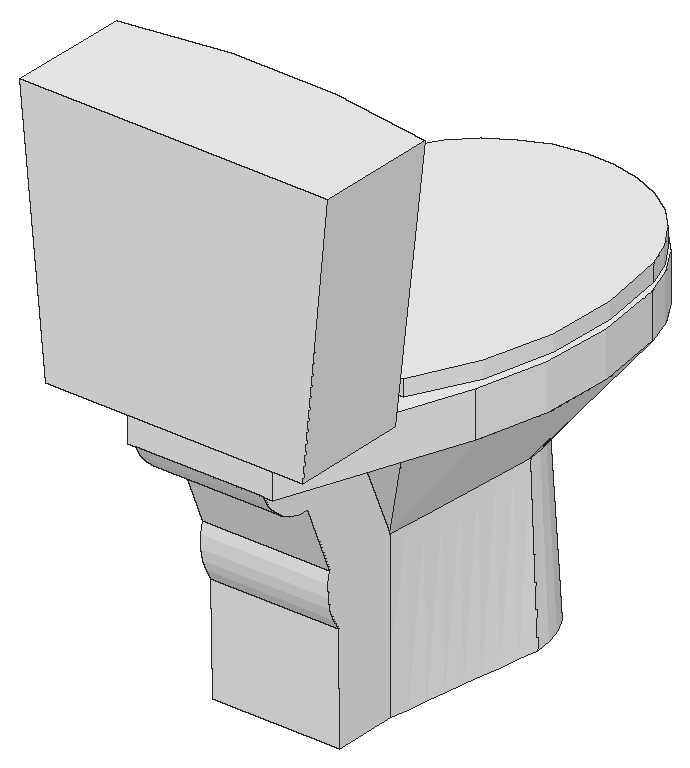
Revit family "Bacia_Com_Caixa", category Plumbing Fixtures, host Wall, Revit 2025
Family settings
  Host = Wall
  Round Connector Dimension = Use Diameter
  Part Type = Normal
  OmniClass Number = 23.45.00.00
  OmniClass Title = Sanitary, Laundry, and Cleaning Equipment
  Enable Cutting in Views = No
  Always vertical = Yes
  Cut with Voids When Loaded = No
  Maintain Annotation Orientation = No
  Shared = No
  Room Calculation Point = Yes
Parameters (values of type "Type 1")
  Versão = 1
  URL (Autor) = "N/A"
  Revisão = 0
  Default Elevation = 0 mm
  CodNCM = "N/A"
  ClassificationCode(2) = "2C:58:06:06:12"
  Caixa = CT_Louças_Brancas
  Bacia = CT_Louças_Brancas
  Autor = "ABDI-MDIC"
Reference planes
  plane 1: y = 0
  plane 2 "Center (Left/Right)": x = 125
  plane 3 "Back": y = 25
  plane 4: y = 375
  plane 5: x = 275
  plane 6: z = 200
Text (mm)
  text "Placement side" at (-1787.139, 592.35, 0), in view "Ref. Level"
  text "Placement side" at (0, 1827.695, 2917.686), in view "Left"
  text "Placement side" at (0, 562.268, 3853.606), in view "Right"
Dimensions and locks
  locked: plane 3 "Back" to host wall
  aligned and locked: plane 1 to host wall
  aligned and locked: nested 1 to plane 2 "Center (Left/Right)"
  aligned and locked: nested 1 to level
Nested families
  nested 1: "bacia com caixa acoplada" at (125, 25, 0) x (-1, 0, 0) z (0, 1, 0), type "Bacia com Caixa Acoplada"
  nested 2: "assento" at (125, 235.625, 380) x (-1, 0, 0) z (0, 1, 0), type "Assento"
  nested 3: "caixa" at (120, 35, 380) x (-1, 0, 0) z (0, 1, 0), type "caixa"
    with Caixa CT_Louças_Brancas
Connectors
  piping at (275, 25, 200), diameter 12.7
    settings: on host wall, index 3, connector inside diameter 609.6 mm, connector length 0 mm, flow factor 0, pipe flow 0.0 L/s, pressure drop 0.0 Pa, fitting loss kfactor 0, connector angle 0.00°, fixture units 0, engagement length 0 mm, angle of deflection 0.00°, flow configuration 0, flow direction 0, fitting loss method 0, system type 20, joint type 0, gender type 0, connector reference index -1, connector utility 0, adjustable connector no, is connector primary yes, connector description ""
  piping at (124.551, 324.824, 0), diameter 101.6
    settings: on nested 1, index 4, connector inside diameter 609.6 mm, connector length 0 mm, flow factor 0, pipe flow 0.0 L/s, pressure drop 0.0 Pa, fitting loss kfactor 0, connector angle 0.00°, fixture units 0, engagement length 0 mm, angle of deflection 0.00°, flow configuration 0, flow direction 0, fitting loss method 0, system type 16, joint type 0, gender type 0, connector reference index -1, connector utility 0, adjustable connector no, is connector primary no, connector description ""
Definition of nested family "bacia com caixa acoplada"
  Parameters (values of type "Bacia com Caixa Acoplada")
    WFU = 0
    URL = ""
    Model = ""
    Manufacturer = ""
    Description = ""
    Default Elevation = 0 mm
    Caixa = none
    CWFU = 0
    Bacia = none
    Assembly Code = ""
  Reference planes
    plane 1 "Center (Front/Back)": y = 0
    plane 2: z = 0
    plane 3 "Center (Left/Right)": x = 0
    plane 4 "Top 1": y = 200
    plane 5: y = 0
    plane 6 "Front 2": z = 179.972
    plane 7 "Top 2": y = 380
    plane 8 "Left 1": x = -150
    plane 9 "Top 3": y = 743.012
    plane 10 "Left 2": x = -197.5
    plane 11 "Right 1": x = 197.5
    plane 12 "Front 4": z = 650
    plane 13 "Front 1": z = 10
    plane 14 "Front 3": z = 300
  Forms (mm)
    Extrusion 1, solid
      sketch origin (0, 0, 0) x (1, 0, 0) y (0, 1, 0)
        loop
          line (-360, 880) -> (-360, -168.512) -> (358.293, -168.512) -> (358.293, 880) -> (-360, 880)
      from 0 to -104.332
    Extrusion 2, solid, not visible
      sketch origin (0, 0, 0) x (1, 0, 0) y (0, 1, 0)
        loop
          circle (-150, 200) r 6.35
      from -5.491 to 0
    Blend 3, solid, material <- "Bacia"
      base sketch origin (0, 0, 67.5) x (1, 0, 0) y (0, 0, 1)
        loop
          line (-77.085, 168.189) -> (77.731, 168.189) -> (88.783, 368.189)
          arc (88.783, 368.189) -> (0, 453.826) -> (-88.783, 368.189) r 88.841
          line (-88.783, 368.189) -> (-77.085, 168.189)
      top sketch origin (0, 0, 67.5) x (1, 0, 0) y (0, 0, 1)
        loop
          line (-133.652, 115) -> (133.652, 115)
          arc (133.652, 115) -> (185.439, 274.944) -> (176.577, 442.83) r 462.076
          arc (176.577, 442.83) -> (0, 582.024) -> (-176.577, 442.83) r 181.597
          arc (-176.577, 442.83) -> (-185.439, 274.944) -> (-133.652, 115) r 462.076
      from -200 to -325
    Extrusion 4, solid, material <- "Bacia"
      sketch origin (0, 0, 65) x (1, 0, 0) y (0, 0, 1)
        loop
          line (-88.302, -21.612) -> (88.302, -21.612) -> (165.51, 190.929)
          arc (165.51, 190.929) -> (188.914, 317.352) -> (176.577, 445.33) r 462.076
          arc (176.577, 445.33) -> (0, 584.524) -> (-176.577, 445.33) r 181.597
          arc (-176.577, 445.33) -> (-188.914, 317.352) -> (-165.51, 190.929) r 462.076
          line (-165.51, 190.929) -> (-88.302, -21.612)
      from -380 to -325
    Extrusion 5, solid, material <- "Bacia"
      sketch origin (0, 0, 65) x (0, 1, 0) y (0, 0, 1)
        loop
          line (0, 95) -> (131.286, 92.337)
          arc (131.286, 92.337) -> (164.162, 78.039) -> (200, 78.98) r 82.785
          line (200, 78.98) -> (281.246, 46.155)
          arc (281.246, 46.155) -> (292.573, 5.459) -> (325, -21.612) r 71.045
          line (325, -21.612) -> (325, 117.5) -> (200, 170.689) -> (0, 170.689) -> (0, 95)
      from -77.102 to 77.652
    Blend 6, solid, material <- "Bacia"
      base sketch origin (0, 0, 65) x (1, 0, 0) y (0, 0, 1)
        loop
          line (77.731, 170.689) -> (105.192, 359.531)
          arc (105.192, 359.531) -> (0, 464.722) -> (-105.192, 359.531) r 105.192
          line (-105.192, 359.531) -> (-77.085, 170.689) -> (77.731, 170.689)
      top sketch origin (0, 0, 65) x (1, 0, 0) y (0, 0, 1)
        loop
          line (-77.085, 170.689) -> (77.731, 170.689) -> (88.783, 370.689)
          arc (88.783, 370.689) -> (0, 456.326) -> (-88.783, 370.689) r 88.841
          line (-88.783, 370.689) -> (-77.085, 170.689)
      from 0 to -200
    Extrusion 7, solid, material <- "Bacia", not visible
      sketch origin (0, 0, 0) x (1, 0, 0) y (0, 0, 1)
        loop
          circle (0, 300) r 50
      from 0 to -10.753
  Cuts and joins
    joined: Extrusion 5, Blend 6
  Lines and regions (mm)
    Masking region 1
      outline origin (0, -1000, 65) x (0, 1, 0) y (0, 0, 1)
        loop
          line (1000, 83.617) -> (1089.643, 83.617)
          arc (1089.643, 83.617) -> (1100.346, 84.44) -> (1110.798, 86.89) r 69.997
          arc (1110.798, 86.89) -> (1115.35, 88.664) -> (1119.636, 91.01) r 37.833
          arc (1119.636, 91.01) -> (1126.997, 93.148) -> (1134.358, 91.009) r 13.737
          arc (1134.358, 91.009) -> (1138.854, 87.942) -> (1143.409, 84.965) r 274.141
          arc (1143.409, 84.965) -> (1172.285, 73.876) -> (1203.192, 75.045) r 76.995
          arc (1203.192, 75.045) -> (1204.332, 75.155) -> (1205.457, 74.938) r 4
          line (1205.457, 74.938) -> (1288.231, 42.957)
          arc (1288.231, 42.957) -> (1290.404, 40.996) -> (1290.713, 38.086) r 4.094
          arc (1290.713, 38.086) -> (1301.753, -9.653) -> (1344.759, -33.135) r 59.833
          line (1344.759, -33.135) -> (1356.478, -33.712)
          arc (1356.478, -33.712) -> (1357.184, -33.799) -> (1357.869, -33.986) r 4.911
          line (1357.869, -33.986) -> (1374.738, -34.87)
          arc (1374.738, -34.87) -> (1378.138, -33.798) -> (1380, -30.759) r 5.089
          line (1380, -30.759) -> (1380, -39.352)
          arc (1380, -39.352) -> (1384.393, -49.959) -> (1395, -54.352) r 15
          line (1395, -54.352) -> (1702, -54.352)
          arc (1702, -54.352) -> (1704.179, -53.414) -> (1705.005, -51.186) r 3
          arc (1705.005, -51.186) -> (1706.055, -53.304) -> (1708.314, -54.004) r 3
          line (1708.314, -54.004) -> (1724.684, -52.283)
          arc (1724.684, -52.283) -> (1734.012, -47.625) -> (1738.102, -38.034) r 15.109
          arc (1738.102, -38.034) -> (1739.208, -14.467) -> (1739.843, 9.117) r 1181.252
          line (1739.843, 9.117) -> (1743.012, 9.117) -> (1743.012, 49.117) -> (1739.843, 49.117)
          arc (1739.843, 49.117) -> (1739.139, 74.511) -> (1737.89, 99.884) r 1181.252
          arc (1737.89, 99.884) -> (1733.758, 109.353) -> (1724.484, 113.904) r 15.001
          line (1724.484, 113.904) -> (1708.314, 115.604)
          arc (1708.314, 115.604) -> (1705.993, 114.85) -> (1705, 112.62) r 3
          line (1705, 112.62) -> (1705, 103.889)
          arc (1705, 103.889) -> (1704.137, 105.995) -> (1702.043, 106.889) r 3
          arc (1702.043, 106.889) -> (1547.993, 103.248) -> (1394.086, 95.688) r 6057.139
          arc (1394.086, 95.688) -> (1384.125, 91.563) -> (1379.999, 81.602) r 14.087
          line (1379.999, 81.602) -> (1379.999, 578.13)
          arc (1379.999, 578.13) -> (1379.603, 579.997) -> (1378.536, 581.58) r 5
          line (1378.536, 581.58) -> (1376.556, 583.561)
          arc (1376.556, 583.561) -> (1374.821, 584.679) -> (1372.782, 585) r 5
          line (1372.782, 585) -> (1327.409, 582.622)
          arc (1327.409, 582.622) -> (1325.614, 581.87) -> (1324.659, 580.175) r 3.001
          line (1324.659, 580.175) -> (1323.546, 573.864)
          arc (1323.546, 573.864) -> (1323.145, 572.811) -> (1322.384, 571.98) r 3
          line (1322.384, 571.98) -> (1315.324, 566.835)
          arc (1315.324, 566.835) -> (1270.818, 528.245) -> (1232.462, 483.537) r 400.003
          arc (1232.462, 483.537) -> (1230.577, 480.959) -> (1228.713, 478.366) r 400
          arc (1228.713, 478.366) -> (1215.458, 463.894) -> (1198.352, 454.277) r 62.136
          arc (1198.352, 454.277) -> (1181.419, 449.381) -> (1163.793, 449.455) r 61.918
          line (1163.793, 449.455) -> (1000, 468.117) -> (1000, 83.617)
    Masking region 2
      outline origin (0, 0, 179.972) x (1, 0, 0) y (0, 1, 0)
        loop
          arc (155.578, 393.059) -> (173.252, 547.202) -> (186.522, 701.786) r 5438.952
          arc (186.522, 701.786) -> (185.725, 704.044) -> (183.53, 705) r 3
          line (183.53, 705) -> (194.576, 705)
          arc (194.576, 705) -> (196.806, 705.993) -> (197.56, 708.314) r 3
          line (197.56, 708.314) -> (196.334, 719.973)
          arc (196.334, 719.973) -> (192.087, 728.948) -> (183.165, 733.303) r 15
          arc (183.165, 733.303) -> (101.636, 737.94) -> (20, 739.929) r 2516.009
          line (20, 739.929) -> (20, 743.012) -> (-20, 743.012) -> (-20, 739.931)
          arc (-20, 739.931) -> (-100.835, 737.981) -> (-181.567, 733.434) r 2516.009
          arc (-181.567, 733.434) -> (-190.989, 729.282) -> (-195.515, 720.033) r 15
          line (-195.515, 720.033) -> (-196.746, 708.314)
          arc (-196.746, 708.314) -> (-195.992, 705.993) -> (-193.763, 705) r 3
          line (-193.763, 705) -> (-184.068, 705)
          arc (-184.068, 705) -> (-186.269, 704.039) -> (-187.06, 701.772) r 3
          arc (-187.06, 701.772) -> (-173.302, 547.237) -> (-155.623, 393.102) r 6106.209
          arc (-155.623, 393.102) -> (-150.656, 383.742) -> (-140.743, 380) r 15
          line (-140.743, 380) -> (-181.066, 380)
          arc (-181.066, 380) -> (-182.779, 379.528) -> (-184.255, 378.539) r 5.554
          arc (-184.255, 378.539) -> (-185.234, 377.558) -> (-186.224, 376.57) r 593.562
          arc (-186.224, 376.57) -> (-187.365, 374.817) -> (-187.689, 372.75) r 5
          line (-187.689, 372.75) -> (-185.312, 327.406)
          arc (-185.312, 327.406) -> (-184.568, 325.61) -> (-182.879, 324.648) r 3
          arc (-182.879, 324.648) -> (-179.83, 324.105) -> (-176.794, 323.579) r 669.748
          arc (-176.794, 323.579) -> (-175.543, 323.054) -> (-174.651, 322.031) r 3
          arc (-174.651, 322.031) -> (-139.574, 267.717) -> (-96.715, 219.306) r 428.02
          arc (-96.715, 219.306) -> (-80.783, 194.863) -> (-76.267, 166.037) r 69.615
          line (-76.267, 166.037) -> (-95.192, 0) -> (95, 0) -> (76.075, 166.037)
          arc (76.075, 166.037) -> (80.59, 194.863) -> (96.523, 219.306) r 69.615
          arc (96.523, 219.306) -> (139.381, 267.717) -> (174.458, 322.031) r 428.02
          arc (174.458, 322.031) -> (175.35, 323.054) -> (176.602, 323.579) r 3
          arc (176.602, 323.579) -> (179.637, 324.105) -> (182.686, 324.648) r 669.748
          arc (182.686, 324.648) -> (184.375, 325.61) -> (185.12, 327.406) r 3
          line (185.12, 327.406) -> (187.496, 372.75)
          arc (187.496, 372.75) -> (187.172, 374.817) -> (186.031, 376.57) r 5
          arc (186.031, 376.57) -> (185.041, 377.558) -> (184.063, 378.539) r 593.562
          arc (184.063, 378.539) -> (182.587, 379.528) -> (180.874, 380) r 5.554
          line (180.874, 380) -> (140.551, 380)
          arc (140.551, 380) -> (150.455, 383.735) -> (155.427, 393.079) r 15
    Masking region 3
      outline origin (0, 200, 0) x (0, 0, 1) y (-1, 0, 0)
        loop
          arc (10.001, -162.6) -> (20.174, -187.163) -> (44.735, -197.342) r 34.742
          line (44.735, -197.342) -> (111.137, -197.358)
          arc (111.137, -197.358) -> (144.424, -185.807) -> (163.387, -156.111) r 53.701
          arc (163.387, -156.111) -> (164.716, -148.856) -> (165.981, -141.591) r 832.903
          line (165.981, -141.591) -> (328.613, -176.787)
          arc (328.613, -176.787) -> (354.757, -181.877) -> (381.09, -185.875) r 639.802
          arc (381.09, -185.875) -> (477.704, -184.405) -> (570.981, -159.188) r 389.344
          arc (570.981, -159.188) -> (592.976, -144.656) -> (610.428, -124.897) r 100.358
          arc (610.428, -124.897) -> (648.272, -3.946) -> (614.002, 118.066) r 222.696
          arc (614.002, 118.066) -> (595.485, 141.292) -> (570.981, 158.081) r 100.358
          arc (570.981, 158.081) -> (477.704, 183.298) -> (381.09, 184.768) r 389.344
          arc (381.09, 184.768) -> (354.757, 180.77) -> (328.613, 175.68) r 639.802
          line (328.613, 175.68) -> (165.811, 140.447)
          arc (165.811, 140.447) -> (164.24, 149.417) -> (162.571, 158.37) r 832.903
          arc (162.571, 158.37) -> (143.253, 186.404) -> (110.961, 197.189) r 53.701
          line (110.961, 197.189) -> (44.735, 197.173)
          arc (44.735, 197.173) -> (20.174, 186.994) -> (10.001, 162.43) r 34.742
          line (10.001, 162.43) -> (10.001, -162.6)
    symbolic lines
      curve 1: line (0, 380, 145.716) -> (0, 380, 35.648)
      curve 2: line (0, 705, 168.98) -> (0, 705, 13.98)
      curve 3: line (0, 67.98, 370.59) -> (0, 21.584, 366.557)
      curve 4: line (0, 35.078, 363.574) -> (0, 35.078, 354.298)
      curve 5: line (0, 290.808, 104.72) -> (0, 332.644, 241.559)
      curve 6: line (0, 362.026, 192.741) -> (0, 362.795, 91.146)
      curve 7: line (0, 327.452, 647.625) -> (0, 327.452, 332.625)
      curve 8: line (0, 739.843, 114.117) -> (0, 739.843, 74.117)
      curve 9: arc (0, 332.644, 241.559) -> (0, 331.92, 244.323) -> (0, 329.57, 245.95) r 4.115
      curve 10: line (0, 329.57, 245.95) -> (0, 324.5, 247.29)
      curve 11: arc (0, 324.5, 247.29) -> (0, 323.385, 247.738) -> (0, 322.415, 248.446) r 4.863
      curve 12: arc (0, 322.415, 248.446) -> (0, 278.084, 285.069) -> (0, 231.824, 319.223) r 1055.536
      curve 13: arc (0, 172.233, 360.523) -> (0, 149.558, 372.954) -> (0, 124.198, 378.007) r 85.159
      curve 14: line (0, 172.233, 360.523) -> (0, 231.824, 319.223)
      curve 15: arc (0, 35.078, 363.574) -> (0, 35.921, 366.558) -> (0, 38.646, 368.04) r 3.996
      curve 16: arc (0, 39.048, 354.298) -> (0, 68.923, 337.403) -> (0, 83.693, 306.422) r 57.033
      curve 17: arc (0, 83.693, 306.422) -> (0, 88.997, 266.802) -> (0, 91.227, 226.89) r 517.582
      curve 18: arc (0, 91.227, 226.89) -> (0, 91.519, 226.553) -> (0, 91.961, 226.5) r 0.618
      curve 19: arc (0, 91.961, 226.5) -> (0, 94.283, 227.599) -> (0, 96.482, 228.928) r 25.33
      curve 20: arc (0, 96.482, 228.928) -> (0, 110.983, 234.835) -> (0, 126.519, 236.774) r 59.786
      curve 21: arc (0, 108.217, 287.466) -> (0, 81.424, 325.834) -> (0, 67.661, 370.562) r 151.049
      curve 22: arc (0, 108.217, 287.466) -> (0, 146.335, 251.375) -> (0, 187.712, 219.07) r 551.591
      curve 23: arc (0, 183.779, 215.042) -> (0, 167.805, 225.909) -> (0, 150.062, 233.55) r 101.468
      curve 24: arc (0, 150.062, 233.55) -> (0, 138.379, 235.811) -> (0, 126.519, 236.774) r 108.093
      curve 25: line (0, 35.078, 354.298) -> (0, 39.048, 354.298)
      curve 26: arc (0, 21.584, 366.557) -> (0, 21.468, 262.774) -> (0, 25.206, 159.06) r 2793.795
      curve 27: arc (0, 25.206, 159.06) -> (0, 28.176, 151.89) -> (0, 35.345, 148.921) r 10.139
      curve 28: line (0, 149.141, 373.105) -> (0, 148.186, 369.539)
      curve 29: arc (0, 148.186, 369.539) -> (0, 157.446, 352.651) -> (0, 171.592, 339.58) r 59.834
      curve 30: arc (0, 171.592, 339.58) -> (0, 200.888, 313.864) -> (0, 228.928, 286.785) r 820.105
      curve 31: arc (0, 228.928, 286.785) -> (0, 251.391, 256.777) -> (0, 264.935, 221.825) r 137.775
      curve 32: arc (0, 264.935, 221.825) -> (0, 251.084, 169.341) -> (0, 205.457, 139.938) r 75.021
      curve 33: arc (0, 344.986, 193.479) -> (0, 340.623, 189.117) -> (0, 344.986, 184.754) r 4.363
      curve 34: arc (0, 359.127, 193.479) -> (0, 360.614, 193.259) -> (0, 362.026, 192.741) r 7.362
      curve 35: arc (0, 359.288, 184.754) -> (0, 360.715, 184.98) -> (0, 362.081, 185.453) r 8.233
      curve 36: arc (0, 359.589, 128.5) -> (0, 361.12, 128.206) -> (0, 362.52, 127.519) r 5.872
      curve 37: arc (0, 359.743, 119.733) -> (0, 361.212, 120.036) -> (0, 362.572, 120.67) r 6.435
      curve 38: arc (0, 337.699, 128.5) -> (0, 332.849, 124.117) -> (0, 337.699, 119.733) r 4.406
      curve 39: arc (0, 362.795, 91.146) -> (0, 362.747, 63.394) -> (0, 362.181, 35.648) r 1489.012
      curve 40: arc (0, 362.181, 35.648) -> (0, 363.556, 32.329) -> (0, 366.876, 30.954) r 4.694
      curve 41: arc (0, 67.98, 370.59) -> (0, 69.846, 371.851) -> (0, 72.01, 372.47) r 7.164
      curve 42: arc (0, 72.01, 372.47) -> (0, 98.011, 376.113) -> (0, 124.198, 378.007) r 391.839
      curve 43: line (0, 359.127, 193.479) -> (0, 344.986, 193.479)
      curve 44: line (0, 344.986, 184.754) -> (0, 359.288, 184.754)
      curve 45: line (0, 359.589, 128.5) -> (0, 337.699, 128.5)
      curve 46: line (0, 359.743, 119.733) -> (0, 337.699, 119.733)
      curve 47: arc (0, 189.587, 216.64) -> (0, 188.8, 214.74) -> (0, 186.899, 213.952) r 2.688
      curve 48: arc (0, 187.712, 219.07) -> (0, 188.832, 217.996) -> (0, 189.587, 216.64) r 5.221
      curve 49: arc (0, 183.779, 215.042) -> (0, 185.247, 214.233) -> (0, 186.899, 213.952) r 5.012
      curve 50: circle (-0.065, 0, 93.469) r 18 normal (0, -1, 0)
      curve 51: circle (-0.065, 0, 93.469) r 20 normal (0, -1, 0)
      curve 52: circle (-0.065, 0, 93.469) r 17 normal (0, -1, 0)
      curve 53: line (183.53, 705, 0) -> (-184.068, 705, 0)
      curve 54: arc (-20, 739.931, 0) -> (0.018, 739.844, 0) -> (20.035, 739.931, 0) r 2298.24
      curve 55: line (140.704, 380, 0) -> (-140.743, 380, 0)
      curve 56: line (-182.878, 324.647, 0) -> (182.648, 324.647, 0)
      curve 57: arc (-141.21, 0, 165.733) -> (0, 0, 177.708) -> (141.233, 0, 165.997) r 847.858
  Dimensions and locks
    plane 9 "Top 3" to plane 7 "Top 2" to plane 5 = 363.012 mm, 380 mm
    plane 12 "Front 4" to plane 13 "Front 1" to level = 640 mm, 10 mm  (x2)
    plane 6 "Front 2" to plane 13 "Front 1" = 169.972 mm  (x2)
    plane 5 to plane 7 "Top 2" = 380 mm
    plane 10 "Left 2" to plane 11 "Right 1" = 395 mm  (x2)
    plane 7 "Top 2" to plane 9 "Top 3" = 363.012 mm
    plane 5 to plane 9 "Top 3" = 743.012 mm
    plane 9 "Top 3" to plane 1 "Center (Front/Back)" = 743.012 mm
    aligned and locked: Extrusion 1 to plane 2
    aligned and locked: level to Extrusion 1
  Nested families
    nested 1: "assento" at (0, 380, 210.625), type "Assento"
    nested 2: "caixa" at (5, 380, 10), Caixa <- "Caixa", type "caixa"
      with Caixa none
  Connectors
    piping at (-150, 200, 0), diameter 15, driven by "CWFU"
      settings: on Extrusion 2, index 2, connector inside diameter 15 mm, connector length 0 mm, flow factor 0, pipe flow 0.0 L/s, pressure drop 0.0 Pa, fitting loss kfactor 0, connector angle 0.00°, fixture units 0, engagement length 0 mm, angle of deflection 0.00°, flow configuration 3, flow direction 1, fitting loss method 4, system type 20, joint type 0, gender type 0, connector reference index -1, connector utility 0, adjustable connector no, is connector primary yes, connector description ""
    piping at (0, 0, 300), diameter 100, driven by "WFU"
      settings: on Extrusion 7, index 3, connector inside diameter 100 mm, connector length 0 mm, flow factor 0, pipe flow 0.0 L/s, pressure drop 0.0 Pa, fitting loss kfactor 0, connector angle 0.00°, fixture units 0, engagement length 0 mm, angle of deflection 0.00°, flow configuration 3, flow direction 2, fitting loss method 0, system type 16, joint type 0, gender type 0, connector reference index -1, connector utility 0, adjustable connector no, is connector primary no, connector description ""
  Definition of nested family "assento"
    Parameters (values of type "Assento")
      URL = ""
      Model = ""
      Manufacturer = ""
      Description = ""
      Default Elevation = 0 mm
      Atendimento ao Cliente = ""
      Assento = none
      Assembly Code = ""
    Reference planes
      plane 1 "Center (Front/Back)": y = 0
      plane 2: z = 0
      plane 3 "Center (Left/Right)": x = 0
    Forms (mm)
      Extrusion 1, solid, material <- "Assento"
        sketch origin (0, -382.238, -138.906) x (1, 0, 0) y (0, 0, 1)
          loop
            arc (122.54, 128.75) -> (178.722, 285.53) -> (167.395, 451.687) r 406.949
            arc (167.395, 451.687) -> (0, 578.5) -> (-167.395, 451.687) r 173.889
            arc (-167.395, 451.687) -> (-178.722, 285.53) -> (-122.54, 128.75) r 406.949
            line (-122.54, 128.75) -> (122.54, 128.75)
        from -403.303 to -383.023
    Lines and regions (mm)
      Masking region 1
        outline origin (0, 0, -15) x (1, 0, 0) y (0, 0, 1)
          loop
            line (-64.536, 11.325) -> (64.536, 11.325)
            arc (64.536, 11.325) -> (75.729, 4.831) -> (86.677, 11.731) r 12.5
            arc (86.677, 11.731) -> (105.018, 20.204) -> (120.903, 32.687) r 86.806
            arc (120.903, 32.687) -> (162.46, 91.144) -> (182.124, 160.118) r 211.806
            arc (182.124, 160.118) -> (185.468, 223.611) -> (181.892, 287.09) r 584.258
            arc (181.892, 287.09) -> (174.182, 328.068) -> (160.412, 367.425) r 277.171
            arc (160.412, 367.425) -> (118.628, 421.425) -> (56.253, 449.197) r 139.805
            arc (56.253, 449.197) -> (28.23, 452.896) -> (0, 454.32) r 349.806
            arc (0, 454.32) -> (-28.23, 452.896) -> (-56.253, 449.197) r 349.806
            arc (-56.253, 449.197) -> (-118.628, 421.425) -> (-160.412, 367.425) r 139.805
            arc (-160.412, 367.425) -> (-174.182, 328.068) -> (-181.892, 287.09) r 277.171
            arc (-181.892, 287.09) -> (-185.468, 223.611) -> (-182.124, 160.118) r 584.258
            arc (-182.124, 160.118) -> (-162.46, 91.144) -> (-120.903, 32.687) r 211.806
            arc (-120.903, 32.687) -> (-105.018, 20.204) -> (-86.677, 11.731) r 86.806
            arc (-86.677, 11.731) -> (-75.729, 4.831) -> (-64.536, 11.325) r 12.5
      Masking region 2
        outline origin (0, -749.901, -215.894) x (0, 0, -1) y (0, 1, 0)
          loop
            arc (-637.514, 782.849) -> (-641.802, 780.516) -> (-643.523, 775.948) r 7
            line (-643.523, 775.948) -> (-643.523, 775.078)
            arc (-643.523, 775.078) -> (-634.644, 773.972) -> (-625.708, 773.519) r 122.142
            arc (-625.708, 773.519) -> (-634.469, 772.879) -> (-643.132, 771.425) r 94.053
            arc (-643.132, 771.425) -> (-651.24, 766.629) -> (-654.864, 757.932) r 14.925
            line (-654.864, 757.932) -> (-655.275, 751.216)
            arc (-655.275, 751.216) -> (-655.14, 750.843) -> (-654.776, 750.685) r 0.5
            line (-654.776, 750.685) -> (-230.784, 750.685) -> (-230.784, 749.901) -> (-205.784, 749.901) -> (-205.784, 751.067)
            arc (-205.784, 751.067) -> (-208.448, 752.689) -> (-211.319, 753.909) r 21.531
            arc (-211.319, 753.909) -> (-212.239, 754.201) -> (-213.17, 754.451) r 21.531
            arc (-213.17, 754.451) -> (-212.039, 764.695) -> (-216.269, 774.093) r 19.571
            arc (-216.269, 774.093) -> (-217.677, 777.888) -> (-219.284, 781.604) r 76.149
            line (-219.284, 781.604) -> (-219.284, 784.36)
            arc (-219.284, 784.36) -> (-221.091, 789.053) -> (-225.579, 791.324) r 7
            arc (-225.579, 791.324) -> (-431.804, 799.612) -> (-637.514, 782.849) r 1700
      Masking region 3
        outline origin (0, 0.785, 462.18) x (-1, 0, 0) y (0, -1, 0)
          loop
            arc (184.938, 0) -> (185.304, -0.159) -> (185.438, -0.536) r 0.5
            line (185.438, -0.536) -> (184.841, -10.285)
            arc (184.841, -10.285) -> (181.982, -18.184) -> (175.298, -23.274) r 14.876
            arc (175.298, -23.274) -> (175.737, -23.351) -> (176.132, -23.559) r 1.448
            line (176.132, -23.559) -> (176.132, -28.392)
            arc (176.132, -28.392) -> (174.144, -33.163) -> (169.577, -35.582) r 7.652
            arc (169.577, -35.582) -> (114.891, -42.405) -> (59.992, -47.215) r 1500.329
            arc (59.992, -47.215) -> (-0.031, -49.287) -> (-60.054, -47.215) r 870.329
            arc (-60.054, -47.215) -> (-114.953, -42.405) -> (-169.638, -35.582) r 1500.329
            arc (-169.638, -35.582) -> (-174.206, -33.163) -> (-176.194, -28.392) r 7.652
            line (-176.194, -28.392) -> (-176.194, -23.559)
            arc (-176.194, -23.559) -> (-175.799, -23.351) -> (-175.36, -23.274) r 1.448
            arc (-175.36, -23.274) -> (-182.043, -18.184) -> (-184.903, -10.285) r 14.876
            line (-184.903, -10.285) -> (-185.499, -0.536)
            arc (-185.499, -0.536) -> (-185.366, -0.159) -> (-185, 0) r 0.5
            line (-185, 0) -> (185, 0)
      symbolic lines
        curve 1: arc (-114.489, 0, 22.69) -> (-154.617, 0, 79.481) -> (-173.11, 0, 146.516) r 202
        curve 2: arc (-172.646, 0, 269.059) -> (-167.129, 0, 300.958) -> (-157.796, 0, 331.956) r 267.358
        curve 3: arc (-54.957, 0, 422.606) -> (-27.579, 0, 426.204) -> (0, 0, 427.569) r 340
        curve 4: arc (-81.624, 0, 3.329) -> (-99.274, 0, 10.942) -> (-114.489, 0, 22.69) r 77
        curve 5: arc (-172.646, 0, 269.059) -> (-176.157, 0, 207.8) -> (-173.11, 0, 146.516) r 574.133
        curve 6: arc (-157.796, 0, 331.956) -> (-119.194, 0, 391.822) -> (-54.957, 0, 422.606) r 130.885
        curve 7: arc (114.489, 0, 22.69) -> (154.617, 0, 79.481) -> (173.11, 0, 146.516) r 202
        curve 8: arc (172.646, 0, 269.059) -> (167.129, 0, 300.958) -> (157.796, 0, 331.956) r 267.358
        curve 9: arc (54.957, 0, 422.606) -> (27.579, 0, 426.204) -> (0, 0, 427.569) r 340
        curve 10: line (-81.624, 0, 3.329) -> (81.624, 0, 3.329)
        curve 11: arc (81.624, 0, 3.329) -> (99.274, 0, 10.942) -> (114.489, 0, 22.69) r 77
        curve 12: arc (172.646, 0, 269.059) -> (176.157, 0, 207.8) -> (173.11, 0, 146.516) r 574.133
        curve 13: arc (157.796, 0, 331.956) -> (119.194, 0, 391.822) -> (54.957, 0, 422.606) r 130.885
        curve 14: line (-64.536, 0, -3.675) -> (-86.677, 0, -3.269)
        curve 15: line (64.536, 0, -3.675) -> (86.677, 0, -3.269)
        curve 16: line (-60.5, 0, -2.982) -> (-60.5, 0, 3.329)
        curve 17: line (-50.5, 0, -2.982) -> (-50.5, 0, 3.329)
        curve 18: line (-50.5, 0, -2.982) -> (-60.5, 0, -2.982)
        curve 19: line (60.5, 0, -2.982) -> (60.5, 0, 3.329)
        curve 20: line (50.5, 0, -2.982) -> (50.5, 0, 3.329)
        curve 21: line (50.5, 0, -2.982) -> (60.5, 0, -2.982)
        curve 22: line (0, 31.703, 3.39) -> (0, 27.984, 3.39)
        curve 23: line (0, 1.166, -10.11) -> (0, 1.166, -2.09)
        curve 24: line (0, 4.613, -2.74) -> (0, 1.166, -2.09)
        curve 25: arc (0, 1.166, -2.09) -> (0, 0.823, -1.812) -> (0, 0.785, -1.373) r 0.566
        curve 26: line (0, 0.785, -1.373) -> (0, 0.785, 14.89)
        curve 27: line (-58.867, 31.731, 0) -> (-59.992, 47.999, 0)
        curve 28: line (60.054, 47.999, 0) -> (58.929, 31.731, 0)
        curve 70: line (0, 23.618, 409.814) -> (0, 27.984, 3.39)
        curve 71: arc (-168.875, 36.232, 0) -> (-114.038, 29.906, 0) -> (-58.867, 31.731, 0) r 373.492
        curve 72: arc (-58.867, 31.731, 0) -> (0.031, 33.412, 0) -> (58.929, 31.731, 0) r 1032.662
        curve 73: arc (168.875, 36.232, 0) -> (114.038, 29.906, 0) -> (58.867, 31.731, 0) r 373.492
        curve 74: line (-175.298, 24.058, 0) -> (175.36, 24.058, 0)
      symbolic lines, not visible
        curve 29: arc (44.697, 0, 382.209) -> (-0.045, 0, 391.224) -> (-44.787, 0, 382.209) r 115.534
        curve 30: arc (44.697, 0, 382.209) -> (85.799, 0, 355.191) -> (116.965, 0, 317.138) r 162.927
        curve 31: arc (116.965, 0, 317.138) -> (133.516, 0, 279.644) -> (140.761, 0, 239.304) r 172.615
        curve 32: arc (140.761, 0, 239.304) -> (141.939, 0, 198.796) -> (136.533, 0, 158.634) r 249.132
        curve 33: arc (136.533, 0, 158.634) -> (103.148, 0, 97.844) -> (44.834, 0, 60.299) r 141.123
        curve 34: arc (44.834, 0, 60.299) -> (24.979, 0, 55.206) -> (4.596, 0, 53.042) r 141.152
        curve 35: arc (-44.787, 0, 382.209) -> (-85.889, 0, 355.191) -> (-117.055, 0, 317.138) r 162.927
        curve 36: arc (-117.055, 0, 317.138) -> (-133.606, 0, 279.644) -> (-140.851, 0, 239.304) r 172.615
        curve 37: arc (-140.851, 0, 239.304) -> (-142.029, 0, 198.796) -> (-136.624, 0, 158.634) r 249.132
        curve 38: arc (-136.624, 0, 158.634) -> (-84.536, 0, 81.067) -> (4.596, 0, 53.042) r 141.123
        curve 39: arc (-46.358, 0, 373.331) -> (-0.045, 0, 383.919) -> (46.267, 0, 373.331) r 106.583
        curve 40: arc (46.267, 0, 373.331) -> (82.734, 0, 347.913) -> (109.41, 0, 312.355) r 140.184
        curve 41: arc (109.41, 0, 312.355) -> (124.152, 0, 274.245) -> (129.791, 0, 233.773) r 177.563
        curve 42: arc (46.157, 0, 77.727) -> (-0.045, 0, 69.166) -> (-46.247, 0, 77.727) r 128.947
        curve 43: arc (46.157, 0, 77.727) -> (100.175, 0, 116.954) -> (127.364, 0, 177.925) r 129.049
        curve 44: arc (129.791, 0, 233.773) -> (129.844, 0, 205.794) -> (127.364, 0, 177.925) r 308.71
        curve 45: arc (-46.358, 0, 373.331) -> (-82.825, 0, 347.913) -> (-109.5, 0, 312.355) r 140.184
        curve 46: arc (-109.5, 0, 312.355) -> (-124.242, 0, 274.245) -> (-129.882, 0, 233.773) r 177.563
        curve 47: arc (-46.247, 0, 77.727) -> (-100.265, 0, 116.954) -> (-127.454, 0, 177.925) r 129.049
        curve 48: arc (-129.882, 0, 233.773) -> (-129.935, 0, 205.794) -> (-127.454, 0, 177.925) r 308.71
        curve 49: arc (-67.045, 0, 1.892) -> (-75.045, 0, 9.892) -> (-83.045, 0, 1.892) r 8
        curve 50: arc (-83.045, 0, 1.892) -> (-75.045, 0, -6.108) -> (-67.045, 0, 1.892) r 8
        curve 51: arc (82.955, 0, 1.892) -> (74.955, 0, 9.892) -> (66.955, 0, 1.892) r 8
        curve 52: arc (66.955, 0, 1.892) -> (74.955, 0, -6.108) -> (82.955, 0, 1.892) r 8
        curve 53: arc (-51.868, 0, 255.807) -> (-47.006, 0, 264.646) -> (-39.146, 0, 270.969) r 26.001
        curve 54: arc (-39.146, 0, 270.969) -> (0.144, 0, 276.388) -> (39.4, 0, 270.734) r 142.065
        curve 55: arc (50.717, 0, 258.373) -> (46.081, 0, 265.49) -> (39.4, 0, 270.734) r 26.001
        curve 56: arc (-51.868, 0, 255.807) -> (-54.895, 0, 225.605) -> (-56.101, 0, 195.276) r 504.587
        curve 57: arc (50.717, 0, 258.373) -> (53.994, 0, 226.896) -> (55.291, 0, 195.276) r 504.587
        curve 58: arc (-56.101, 0, 195.276) -> (-52.773, 0, 185.058) -> (-43.946, 0, 178.93) r 16.85
        curve 59: arc (55.291, 0, 195.276) -> (50.504, 0, 183.717) -> (38.946, 0, 178.93) r 16.346
        curve 60: arc (38.946, 0, 178.93) -> (-2.5, 0, 173.627) -> (-43.946, 0, 178.93) r 164.605
        curve 61: arc (-141.21, 0, -44.892) -> (0, 0, -32.917) -> (141.233, 0, -44.628) r 847.858
        curve 62: arc (-174.441, 0, 159.838) -> (-176.673, 0, 236.825) -> (-161.106, 0, 312.254) r 332.01
        curve 63: arc (-161.106, 0, 312.254) -> (-99.257, 0, 396.882) -> (0.341, 0, 429.552) r 171.079
        curve 64: arc (176.474, 0, 170.218) -> (176.857, 0, 242.035) -> (161.788, 0, 312.254) r 332.01
        curve 65: arc (161.788, 0, 312.254) -> (99.939, 0, 396.882) -> (0.341, 0, 429.552) r 171.079
        curve 66: line (161.273, 0, 92.593) -> (131.783, 0, -43.345)
        curve 67: line (-161.273, 0, 92.593) -> (-131.783, 0, -43.345)
        curve 68: line (-161.273, 0, 92.593) -> (-174.441, 0, 159.838)
        curve 69: line (161.273, 0, 92.593) -> (176.474, 0, 170.218)
  Definition of nested family "caixa"
    Parameters (values of type "caixa")
      URL = ""
      Model = ""
      Manufacturer = ""
      Description = ""
      Default Elevation = 0 mm
      Caixa [instance] = none
      Assembly Code = ""
    Reference planes
      plane 1 "Center (Front/Back)": y = 0
      plane 2: z = 0
      plane 3 "Center (Left/Right)": x = 0
    Forms (mm)
      Blend 1, solid, material <- "Caixa"
        base sketch origin (0, 0, 0) x (1, 0, 0) y (0, 0, -1)
          loop
            line (-187.263, 0) -> (-187.263, -146.391)
            arc (-187.263, -146.391) -> (0, -167.499) -> (187.263, -146.391) r 841.243
            line (187.263, -146.391) -> (187.263, 0) -> (-187.263, 0)
        top sketch origin (0, 0, 0) x (1, 0, 0) y (0, 0, -1)
          loop
            line (-156.041, 0) -> (-156.041, -140.537)
            arc (-156.041, -140.537) -> (0, -155.775) -> (156.041, -140.537) r 806.594
            line (156.041, -140.537) -> (156.041, 0) -> (-156.041, 0)
        from 320 to 0
Definition of nested family "assento"
  Parameters (values of type "Assento")
    URL = ""
    Model = ""
    Manufacturer = ""
    Description = ""
    Default Elevation = 0 mm
    Atendimento ao Cliente = ""
    Assento = none
    Assembly Code = ""
  Reference planes
    plane 1 "Center (Front/Back)": y = 0
    plane 2: z = 0
    plane 3 "Center (Left/Right)": x = 0
  Forms (mm)
    Extrusion 1, solid, material <- "Assento"
      sketch origin (0, -382.238, -138.906) x (1, 0, 0) y (0, 0, 1)
        loop
          arc (122.54, 128.75) -> (178.722, 285.53) -> (167.395, 451.687) r 406.949
          arc (167.395, 451.687) -> (0, 578.5) -> (-167.395, 451.687) r 173.889
          arc (-167.395, 451.687) -> (-178.722, 285.53) -> (-122.54, 128.75) r 406.949
          line (-122.54, 128.75) -> (122.54, 128.75)
      from -403.303 to -383.023
  Lines and regions (mm)
    Masking region 1
      outline origin (0, 0, -15) x (1, 0, 0) y (0, 0, 1)
        loop
          line (-64.536, 11.325) -> (64.536, 11.325)
          arc (64.536, 11.325) -> (75.729, 4.831) -> (86.677, 11.731) r 12.5
          arc (86.677, 11.731) -> (105.018, 20.204) -> (120.903, 32.687) r 86.806
          arc (120.903, 32.687) -> (162.46, 91.144) -> (182.124, 160.118) r 211.806
          arc (182.124, 160.118) -> (185.468, 223.611) -> (181.892, 287.09) r 584.258
          arc (181.892, 287.09) -> (174.182, 328.068) -> (160.412, 367.425) r 277.171
          arc (160.412, 367.425) -> (118.628, 421.425) -> (56.253, 449.197) r 139.805
          arc (56.253, 449.197) -> (28.23, 452.896) -> (0, 454.32) r 349.806
          arc (0, 454.32) -> (-28.23, 452.896) -> (-56.253, 449.197) r 349.806
          arc (-56.253, 449.197) -> (-118.628, 421.425) -> (-160.412, 367.425) r 139.805
          arc (-160.412, 367.425) -> (-174.182, 328.068) -> (-181.892, 287.09) r 277.171
          arc (-181.892, 287.09) -> (-185.468, 223.611) -> (-182.124, 160.118) r 584.258
          arc (-182.124, 160.118) -> (-162.46, 91.144) -> (-120.903, 32.687) r 211.806
          arc (-120.903, 32.687) -> (-105.018, 20.204) -> (-86.677, 11.731) r 86.806
          arc (-86.677, 11.731) -> (-75.729, 4.831) -> (-64.536, 11.325) r 12.5
    Masking region 2
      outline origin (0, -749.901, -215.894) x (0, 0, -1) y (0, 1, 0)
        loop
          arc (-637.514, 782.849) -> (-641.802, 780.516) -> (-643.523, 775.948) r 7
          line (-643.523, 775.948) -> (-643.523, 775.078)
          arc (-643.523, 775.078) -> (-634.644, 773.972) -> (-625.708, 773.519) r 122.142
          arc (-625.708, 773.519) -> (-634.469, 772.879) -> (-643.132, 771.425) r 94.053
          arc (-643.132, 771.425) -> (-651.24, 766.629) -> (-654.864, 757.932) r 14.925
          line (-654.864, 757.932) -> (-655.275, 751.216)
          arc (-655.275, 751.216) -> (-655.14, 750.843) -> (-654.776, 750.685) r 0.5
          line (-654.776, 750.685) -> (-230.784, 750.685) -> (-230.784, 749.901) -> (-205.784, 749.901) -> (-205.784, 751.067)
          arc (-205.784, 751.067) -> (-208.448, 752.689) -> (-211.319, 753.909) r 21.531
          arc (-211.319, 753.909) -> (-212.239, 754.201) -> (-213.17, 754.451) r 21.531
          arc (-213.17, 754.451) -> (-212.039, 764.695) -> (-216.269, 774.093) r 19.571
          arc (-216.269, 774.093) -> (-217.677, 777.888) -> (-219.284, 781.604) r 76.149
          line (-219.284, 781.604) -> (-219.284, 784.36)
          arc (-219.284, 784.36) -> (-221.091, 789.053) -> (-225.579, 791.324) r 7
          arc (-225.579, 791.324) -> (-431.804, 799.612) -> (-637.514, 782.849) r 1700
    Masking region 3
      outline origin (0, 0.785, 462.18) x (-1, 0, 0) y (0, -1, 0)
        loop
          arc (184.938, 0) -> (185.304, -0.159) -> (185.438, -0.536) r 0.5
          line (185.438, -0.536) -> (184.841, -10.285)
          arc (184.841, -10.285) -> (181.982, -18.184) -> (175.298, -23.274) r 14.876
          arc (175.298, -23.274) -> (175.737, -23.351) -> (176.132, -23.559) r 1.448
          line (176.132, -23.559) -> (176.132, -28.392)
          arc (176.132, -28.392) -> (174.144, -33.163) -> (169.577, -35.582) r 7.652
          arc (169.577, -35.582) -> (114.891, -42.405) -> (59.992, -47.215) r 1500.329
          arc (59.992, -47.215) -> (-0.031, -49.287) -> (-60.054, -47.215) r 870.329
          arc (-60.054, -47.215) -> (-114.953, -42.405) -> (-169.638, -35.582) r 1500.329
          arc (-169.638, -35.582) -> (-174.206, -33.163) -> (-176.194, -28.392) r 7.652
          line (-176.194, -28.392) -> (-176.194, -23.559)
          arc (-176.194, -23.559) -> (-175.799, -23.351) -> (-175.36, -23.274) r 1.448
          arc (-175.36, -23.274) -> (-182.043, -18.184) -> (-184.903, -10.285) r 14.876
          line (-184.903, -10.285) -> (-185.499, -0.536)
          arc (-185.499, -0.536) -> (-185.366, -0.159) -> (-185, 0) r 0.5
          line (-185, 0) -> (185, 0)
    symbolic lines
      curve 1: arc (-114.489, 0, 22.69) -> (-154.617, 0, 79.481) -> (-173.11, 0, 146.516) r 202
      curve 2: arc (-172.646, 0, 269.059) -> (-167.129, 0, 300.958) -> (-157.796, 0, 331.956) r 267.358
      curve 3: arc (-54.957, 0, 422.606) -> (-27.579, 0, 426.204) -> (0, 0, 427.569) r 340
      curve 4: arc (-81.624, 0, 3.329) -> (-99.274, 0, 10.942) -> (-114.489, 0, 22.69) r 77
      curve 5: arc (-172.646, 0, 269.059) -> (-176.157, 0, 207.8) -> (-173.11, 0, 146.516) r 574.133
      curve 6: arc (-157.796, 0, 331.956) -> (-119.194, 0, 391.822) -> (-54.957, 0, 422.606) r 130.885
      curve 7: arc (114.489, 0, 22.69) -> (154.617, 0, 79.481) -> (173.11, 0, 146.516) r 202
      curve 8: arc (172.646, 0, 269.059) -> (167.129, 0, 300.958) -> (157.796, 0, 331.956) r 267.358
      curve 9: arc (54.957, 0, 422.606) -> (27.579, 0, 426.204) -> (0, 0, 427.569) r 340
      curve 10: line (-81.624, 0, 3.329) -> (81.624, 0, 3.329)
      curve 11: arc (81.624, 0, 3.329) -> (99.274, 0, 10.942) -> (114.489, 0, 22.69) r 77
      curve 12: arc (172.646, 0, 269.059) -> (176.157, 0, 207.8) -> (173.11, 0, 146.516) r 574.133
      curve 13: arc (157.796, 0, 331.956) -> (119.194, 0, 391.822) -> (54.957, 0, 422.606) r 130.885
      curve 14: line (-64.536, 0, -3.675) -> (-86.677, 0, -3.269)
      curve 15: line (64.536, 0, -3.675) -> (86.677, 0, -3.269)
      curve 16: line (-60.5, 0, -2.982) -> (-60.5, 0, 3.329)
      curve 17: line (-50.5, 0, -2.982) -> (-50.5, 0, 3.329)
      curve 18: line (-50.5, 0, -2.982) -> (-60.5, 0, -2.982)
      curve 19: line (60.5, 0, -2.982) -> (60.5, 0, 3.329)
      curve 20: line (50.5, 0, -2.982) -> (50.5, 0, 3.329)
      curve 21: line (50.5, 0, -2.982) -> (60.5, 0, -2.982)
      curve 22: line (0, 31.703, 3.39) -> (0, 27.984, 3.39)
      curve 23: line (0, 1.166, -10.11) -> (0, 1.166, -2.09)
      curve 24: line (0, 4.613, -2.74) -> (0, 1.166, -2.09)
      curve 25: arc (0, 1.166, -2.09) -> (0, 0.823, -1.812) -> (0, 0.785, -1.373) r 0.566
      curve 26: line (0, 0.785, -1.373) -> (0, 0.785, 14.89)
      curve 27: line (-58.867, 31.731, 0) -> (-59.992, 47.999, 0)
      curve 28: line (60.054, 47.999, 0) -> (58.929, 31.731, 0)
      curve 70: line (0, 23.618, 409.814) -> (0, 27.984, 3.39)
      curve 71: arc (-168.875, 36.232, 0) -> (-114.038, 29.906, 0) -> (-58.867, 31.731, 0) r 373.492
      curve 72: arc (-58.867, 31.731, 0) -> (0.031, 33.412, 0) -> (58.929, 31.731, 0) r 1032.662
      curve 73: arc (168.875, 36.232, 0) -> (114.038, 29.906, 0) -> (58.867, 31.731, 0) r 373.492
      curve 74: line (-175.298, 24.058, 0) -> (175.36, 24.058, 0)
    symbolic lines, not visible
      curve 29: arc (44.697, 0, 382.209) -> (-0.045, 0, 391.224) -> (-44.787, 0, 382.209) r 115.534
      curve 30: arc (44.697, 0, 382.209) -> (85.799, 0, 355.191) -> (116.965, 0, 317.138) r 162.927
      curve 31: arc (116.965, 0, 317.138) -> (133.516, 0, 279.644) -> (140.761, 0, 239.304) r 172.615
      curve 32: arc (140.761, 0, 239.304) -> (141.939, 0, 198.796) -> (136.533, 0, 158.634) r 249.132
      curve 33: arc (136.533, 0, 158.634) -> (103.148, 0, 97.844) -> (44.834, 0, 60.299) r 141.123
      curve 34: arc (44.834, 0, 60.299) -> (24.979, 0, 55.206) -> (4.596, 0, 53.042) r 141.152
      curve 35: arc (-44.787, 0, 382.209) -> (-85.889, 0, 355.191) -> (-117.055, 0, 317.138) r 162.927
      curve 36: arc (-117.055, 0, 317.138) -> (-133.606, 0, 279.644) -> (-140.851, 0, 239.304) r 172.615
      curve 37: arc (-140.851, 0, 239.304) -> (-142.029, 0, 198.796) -> (-136.624, 0, 158.634) r 249.132
      curve 38: arc (-136.624, 0, 158.634) -> (-84.536, 0, 81.067) -> (4.596, 0, 53.042) r 141.123
      curve 39: arc (-46.358, 0, 373.331) -> (-0.045, 0, 383.919) -> (46.267, 0, 373.331) r 106.583
      curve 40: arc (46.267, 0, 373.331) -> (82.734, 0, 347.913) -> (109.41, 0, 312.355) r 140.184
      curve 41: arc (109.41, 0, 312.355) -> (124.152, 0, 274.245) -> (129.791, 0, 233.773) r 177.563
      curve 42: arc (46.157, 0, 77.727) -> (-0.045, 0, 69.166) -> (-46.247, 0, 77.727) r 128.947
      curve 43: arc (46.157, 0, 77.727) -> (100.175, 0, 116.954) -> (127.364, 0, 177.925) r 129.049
      curve 44: arc (129.791, 0, 233.773) -> (129.844, 0, 205.794) -> (127.364, 0, 177.925) r 308.71
      curve 45: arc (-46.358, 0, 373.331) -> (-82.825, 0, 347.913) -> (-109.5, 0, 312.355) r 140.184
      curve 46: arc (-109.5, 0, 312.355) -> (-124.242, 0, 274.245) -> (-129.882, 0, 233.773) r 177.563
      curve 47: arc (-46.247, 0, 77.727) -> (-100.265, 0, 116.954) -> (-127.454, 0, 177.925) r 129.049
      curve 48: arc (-129.882, 0, 233.773) -> (-129.935, 0, 205.794) -> (-127.454, 0, 177.925) r 308.71
      curve 49: arc (-67.045, 0, 1.892) -> (-75.045, 0, 9.892) -> (-83.045, 0, 1.892) r 8
      curve 50: arc (-83.045, 0, 1.892) -> (-75.045, 0, -6.108) -> (-67.045, 0, 1.892) r 8
      curve 51: arc (82.955, 0, 1.892) -> (74.955, 0, 9.892) -> (66.955, 0, 1.892) r 8
      curve 52: arc (66.955, 0, 1.892) -> (74.955, 0, -6.108) -> (82.955, 0, 1.892) r 8
      curve 53: arc (-51.868, 0, 255.807) -> (-47.006, 0, 264.646) -> (-39.146, 0, 270.969) r 26.001
      curve 54: arc (-39.146, 0, 270.969) -> (0.144, 0, 276.388) -> (39.4, 0, 270.734) r 142.065
      curve 55: arc (50.717, 0, 258.373) -> (46.081, 0, 265.49) -> (39.4, 0, 270.734) r 26.001
      curve 56: arc (-51.868, 0, 255.807) -> (-54.895, 0, 225.605) -> (-56.101, 0, 195.276) r 504.587
      curve 57: arc (50.717, 0, 258.373) -> (53.994, 0, 226.896) -> (55.291, 0, 195.276) r 504.587
      curve 58: arc (-56.101, 0, 195.276) -> (-52.773, 0, 185.058) -> (-43.946, 0, 178.93) r 16.85
      curve 59: arc (55.291, 0, 195.276) -> (50.504, 0, 183.717) -> (38.946, 0, 178.93) r 16.346
      curve 60: arc (38.946, 0, 178.93) -> (-2.5, 0, 173.627) -> (-43.946, 0, 178.93) r 164.605
      curve 61: arc (-141.21, 0, -44.892) -> (0, 0, -32.917) -> (141.233, 0, -44.628) r 847.858
      curve 62: arc (-174.441, 0, 159.838) -> (-176.673, 0, 236.825) -> (-161.106, 0, 312.254) r 332.01
      curve 63: arc (-161.106, 0, 312.254) -> (-99.257, 0, 396.882) -> (0.341, 0, 429.552) r 171.079
      curve 64: arc (176.474, 0, 170.218) -> (176.857, 0, 242.035) -> (161.788, 0, 312.254) r 332.01
      curve 65: arc (161.788, 0, 312.254) -> (99.939, 0, 396.882) -> (0.341, 0, 429.552) r 171.079
      curve 66: line (161.273, 0, 92.593) -> (131.783, 0, -43.345)
      curve 67: line (-161.273, 0, 92.593) -> (-131.783, 0, -43.345)
      curve 68: line (-161.273, 0, 92.593) -> (-174.441, 0, 159.838)
      curve 69: line (161.273, 0, 92.593) -> (176.474, 0, 170.218)
Definition of nested family "caixa"
  Parameters (values of type "caixa")
    URL = ""
    Model = ""
    Manufacturer = ""
    Description = ""
    Default Elevation = 0 mm
    Caixa [instance] = none
    Assembly Code = ""
  Reference planes
    plane 1 "Center (Front/Back)": y = 0
    plane 2: z = 0
    plane 3 "Center (Left/Right)": x = 0
  Forms (mm)
    Blend 1, solid, material <- "Caixa"
      base sketch origin (0, 0, 0) x (1, 0, 0) y (0, 0, -1)
        loop
          line (-187.263, 0) -> (-187.263, -146.391)
          arc (-187.263, -146.391) -> (0, -167.499) -> (187.263, -146.391) r 841.243
          line (187.263, -146.391) -> (187.263, 0) -> (-187.263, 0)
      top sketch origin (0, 0, 0) x (1, 0, 0) y (0, 0, -1)
        loop
          line (-156.041, 0) -> (-156.041, -140.537)
          arc (-156.041, -140.537) -> (0, -155.775) -> (156.041, -140.537) r 806.594
          line (156.041, -140.537) -> (156.041, 0) -> (-156.041, 0)
      from 320 to 0
